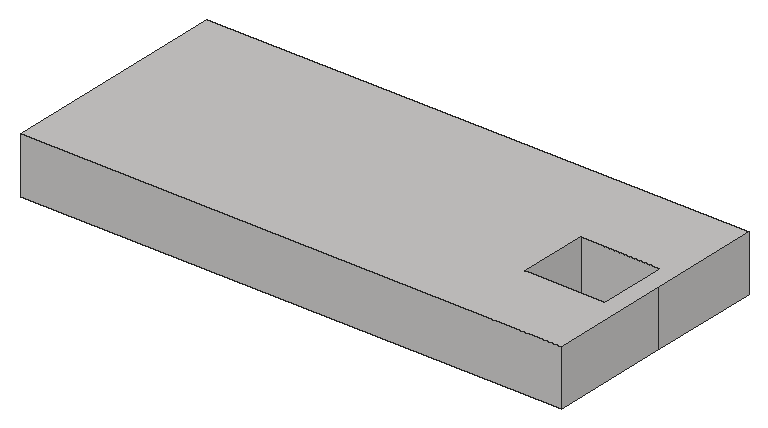
Revit family "G805-001 CAB24", category Mechanical Equipment, Revit 2012
Parameters (values of type "2 TON")
  Water Outlet Radius = 0' - 0 7/16"
  Water Inlet Radius = 0' - 0 7/16"
  URL = "http://www.desert-aire.com/"
  Type Comments = ""
  RC Return Radius = 0' - 0 3/16"
  RC Discharge Radius = 0' - 0 1/4"
  Outdoor Unit = yes
  Model = "G805-001"
  Manufacturer = "DESERT AIRE"
  Description = "NON-PACKAGED"
  Curb Height [instance] = 0' - 8"
  Cost = 0
Types (4): name | Water Outlet Radius | Water Inlet Radius | RC Return Radius | RC Discharge Radius
  (no name) | 0' - 0 7/16" | 0' - 0 7/16" | 0' - 0 3/16" | 0' - 0 1/4"
  2 TON | 0' - 0 7/16" | 0' - 0 7/16" | 0' - 0 3/16" | 0' - 0 1/4"
  3 TON | 0' - 0 7/16" | 0' - 0 7/16" | 0' - 0 1/4" | 0' - 0 5/16"
  5 TON | 0' - 0 9/16" | 0' - 0 9/16" | 0' - 0 1/4" | 0' - 0 3/8"
Reference planes (in)
  plane 1: y = 0
  plane 2: z = 0
  plane 3: x = 0
  plane 4: z = 8
  plane 5: z = 49.975
Forms (in)
  Extrusion 1, solid, material "Steel"
    sketch origin (-10.97373, 0, 0) x (1, 0, 0) y (0, 1, 0)
      loop
        line (-23.88823, 16.94) -> (-23.88823, -16.56) -> (53.86177, -16.56) -> (53.86177, 0.69) -> (53.86177, 16.94) -> (-23.88823, 16.94)
      loop
        line (39.82723, 4.33367) -> (39.82723, -5.6568) -> (51.35182, -5.6568) -> (51.35182, 4.33367) -> (39.82723, 4.33367)
    from 0 to 8
Dimensions and locks (in)
  "Curb Height": plane 4 to plane 2
  locked: plane 5 to plane 4 at 41.975
  aligned and locked: Extrusion 1 to plane 2
  aligned and locked: plane 4 to Extrusion 1
  aligned and locked: import instance to import instance  (x2)
  aligned and locked: Extrusion 1 to plane 4  (x2)
  aligned and locked: import instance to plane 4
  aligned and locked: plane 5 to import instance
  aligned and locked: import instance to plane 5
Automatic sketch dimensions
  plane 1 to Extrusion 1 sketch curve = 1' - 4.56"
  Extrusion 1 sketch curve to plane 3 = 2' - 10.86196"
  Extrusion 1 sketch curve to plane 1 = 0' - 4.33367"
  plane 3 to Extrusion 1 sketch curve = 2' - 4.8535"
  plane 1 to Extrusion 1 sketch curve = 0' - 5.6568"
  Extrusion 1 sketch curve to Extrusion 1 sketch curve = 0' - 11.52459"
  Extrusion 1 sketch curve to Extrusion 1 sketch curve = 0' - 2.50996"
  Extrusion 1 sketch curve to plane 1 = 0' - 0.69"
  Extrusion 1 sketch curve to Extrusion 1 sketch curve = 1' - 0.60633"
Connectors (in)
  piping at (-5.08143, -1.97213, 0)
    settings: on Extrusion 1, index 5, connector radius 3", flow factor 0, pipe flow 0 GPM, pressure drop 0.00 psi, fitting loss kfactor 0, connector angle 0.00°, fixture units 0, engagement length 0' - 0", flow configuration 0, flow direction 0, fitting loss method 0, system type 22, joint type 0, gender type 0, connector reference index -1, connector utility 0, adjustable connector no, is connector primary yes, fitting loss table "", connector description "BOTTOM CONDENSATE"
  piping at (-10.14539, -19.29369, 10.071)
    settings: on import instance, index 10, connector radius 1/2", flow factor 0, pipe flow 0 GPM, pressure drop 0.00 psi, fitting loss kfactor 0, connector angle 0.00°, fixture units 0, engagement length 0' - 0", flow configuration 0, flow direction 0, fitting loss method 0, system type 22, joint type 0, gender type 0, connector reference index -1, connector utility 0, adjustable connector no, is connector primary no, fitting loss table "", connector description "LEFT SIDE CONDENSATE"
  piping at (-10.14539, -19.29369, 16.321), driven by "RC Discharge Radius"
    settings: on import instance, index 11, connector radius 1/4", flow factor 0, pipe flow 0 GPM, pressure drop 0.00 psi, fitting loss kfactor 0, connector angle 0.00°, fixture units 0, engagement length 0' - 0", flow configuration 0, flow direction 0, fitting loss method 0, system type 7, joint type 0, gender type 0, connector reference index -1, connector utility 0, adjustable connector no, is connector primary no, fitting loss table "", connector description "LEFT SIDE RC DISCHARGE CONNECTION LOCATION"
  piping at (-10.14539, -19.29369, 17.821), driven by "RC Return Radius"
    settings: on import instance, index 12, connector radius 3/16", flow factor 0, pipe flow 0 GPM, pressure drop 0.00 psi, fitting loss kfactor 0, connector angle 0.00°, fixture units 0, engagement length 0' - 0", flow configuration 0, flow direction 0, fitting loss method 0, system type 8, joint type 0, gender type 0, connector reference index -1, connector utility 0, adjustable connector no, is connector primary no, fitting loss table "", connector description "LEFT SIDE RC RETURN CONNECTION LOCATION"
  piping at (-10.14539, -19.29369, 23.071), driven by "Water Outlet Radius"
    settings: on import instance, index 13, connector radius 7/16", flow factor 0, pipe flow 0 GPM, pressure drop 0.00 psi, fitting loss kfactor 0, connector angle 0.00°, fixture units 0, engagement length 0' - 0", flow configuration 0, flow direction 0, fitting loss method 0, system type 20, joint type 0, gender type 0, connector reference index -1, connector utility 0, adjustable connector no, is connector primary no, fitting loss table "", connector description "LEFT SIDE WATER OUTLET CONNECTION LOCATION"
  piping at (-10.14539, -19.29369, 24.571), driven by "Water Inlet Radius"
    settings: on import instance, index 14, connector radius 7/16", flow factor 0, pipe flow 0 GPM, pressure drop 0.00 psi, fitting loss kfactor 0, connector angle 0.00°, fixture units 0, engagement length 0' - 0", flow configuration 0, flow direction 0, fitting loss method 0, system type 20, joint type 0, gender type 0, connector reference index -1, connector utility 0, adjustable connector no, is connector primary no, fitting loss table "", connector description "LEFT SIDE WATER INLET CONNECTION LOCATION"
  hvac at (36.28019, -0.89329, 50.745)
    settings: on import instance, index 16, duct flow 0 CFM, flow factor 0, pres drop 0.00 in-wg, loss coef 0, conn angle 0.00°, conn width 11 1/2", conn height 9 7/8", conn radius 12", duct sys type 1, conn prof type 1, flow config 0, flow direction 0, loss method 0, conn ref index -1, conn util no, is conn primary yes, conn desc "SUPPLY DISCHARGE"
  hvac at (-37.12696, -0.78965, 29.20752)
    settings: on import instance, index 17, duct flow 0 CFM, flow factor 0, pres drop 0.00 in-wg, loss coef 0, conn angle 0.00°, conn width 23 7/8", conn height 39 3/4", conn radius 12", duct sys type 1, conn prof type 1, flow config 0, flow direction 0, loss method 0, conn ref index -1, conn util no, is conn primary no, conn desc "O/A INTAKE"
  piping at (-10.04854, 17.82631, 10.00515)
    settings: on import instance, index 18, connector radius 1/2", flow factor 0, pipe flow 0 GPM, pressure drop 0.00 psi, fitting loss kfactor 0, connector angle 0.00°, fixture units 0, engagement length 0' - 0", flow configuration 0, flow direction 0, fitting loss method 0, system type 22, joint type 0, gender type 0, connector reference index -1, connector utility 0, adjustable connector no, is connector primary no, fitting loss table "", connector description "RIGHT SIDE CONDENSATE"
  piping at (-10.22285, 17.82631, 16.24754), driven by "RC Discharge Radius"
    settings: on import instance, index 19, connector radius 1/4", flow factor 0, pipe flow 0 GPM, pressure drop 0.00 psi, fitting loss kfactor 0, connector angle 0.00°, fixture units 0, engagement length 0' - 0", flow configuration 0, flow direction 0, fitting loss method 0, system type 7, joint type 0, gender type 0, connector reference index -1, connector utility 0, adjustable connector no, is connector primary no, fitting loss table "", connector description "RIGHT SIDE RC DISCHARGE CONNECTION LOCATION"
  piping at (-10.09211, 17.82631, 17.74184), driven by "RC Return Radius"
    settings: on import instance, index 20, connector radius 3/16", flow factor 0, pipe flow 0 GPM, pressure drop 0.00 psi, fitting loss kfactor 0, connector angle 0.00°, fixture units 0, engagement length 0' - 0", flow configuration 0, flow direction 0, fitting loss method 0, system type 8, joint type 0, gender type 0, connector reference index -1, connector utility 0, adjustable connector no, is connector primary no, fitting loss table "", connector description "RIGHT SIDE RC RETURN CONNECTION LOCATION"
  piping at (-10.09211, 17.82631, 22.99184), driven by "Water Outlet Radius"
    settings: on import instance, index 21, connector radius 7/16", flow factor 0, pipe flow 0 GPM, pressure drop 0.00 psi, fitting loss kfactor 0, connector angle 0.00°, fixture units 0, engagement length 0' - 0", flow configuration 0, flow direction 0, fitting loss method 0, system type 20, joint type 0, gender type 0, connector reference index -1, connector utility 0, adjustable connector no, is connector primary no, fitting loss table "", connector description "RIGHT SIDE WATER OUTLET CONNECTION LOCATION"
  piping at (-10.09211, 17.82631, 24.49184), driven by "Water Inlet Radius"
    settings: on import instance, index 22, connector radius 7/16", flow factor 0, pipe flow 0 GPM, pressure drop 0.00 psi, fitting loss kfactor 0, connector angle 0.00°, fixture units 0, engagement length 0' - 0", flow configuration 0, flow direction 0, fitting loss method 0, system type 20, joint type 0, gender type 0, connector reference index -1, connector utility 0, adjustable connector no, is connector primary no, fitting loss table "", connector description "RIGHT SIDE WATER INLET CONNECTION LOCATION"
  hvac at (34.5661, -0.5354, 10.02)
    settings: on import instance, index 23, duct flow 0 CFM, flow factor 0, pres drop 0.00 in-wg, loss coef 0, conn angle 0.00°, conn width 9 7/8", conn height 11 1/2", conn radius 12", duct sys type 1, conn prof type 1, flow config 0, flow direction 0, loss method 0, conn ref index -1, conn util no, is conn primary no, conn desc "SUPPLY DISCHARGE"
  electrical at (43.11304, -15.85224, 45.71009)
    settings: on import instance, index 24, voltage 0 V, apparent load 0 VA, apparent load phase1 0 VA, apparent load phase2 0 VA, apparent load phase3 0 VA, power factor 1, load classification "Other", number of poles 1, system type 30, power factor state 1, is connector primary yes, connector utility no, sub classification motor no, connector description "OPTIONAL DISCONNECT LOCATION"
  hvac at (43.11304, -0.80426, 17.44799)
    settings: on import instance, index 25, duct flow 0 CFM, flow factor 0, pres drop 0.00 in-wg, loss coef 0, conn angle 0.00°, conn width 9 7/8", conn height 11 1/2", conn radius 12", duct sys type 1, conn prof type 1, flow config 0, flow direction 0, loss method 0, conn ref index -1, conn util no, is conn primary no, conn desc "SUPPLY DISCHARGE"
